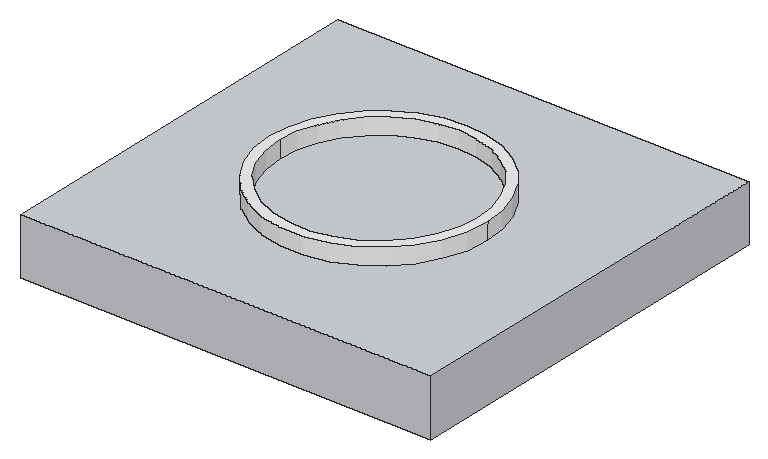
Revit family "M_Enrijecedor circular de ciclo fechado", category Enrijecedores estruturais, Revit 2019
Family settings
  Hospedeiro = Face
  Número OmniClass = 23.25.30.11.27
  Título OmniClass = Vibration and Earthquake Controls
  ID de item do Seek = Closed Loop Stiffener-Circular-0000-CAN-ENU
  Corte com vazios quando carregada = Não
  Compartilhado = Não
Parameters (values of type "Diâmetro interno 1'")
  r [instance] = 150 mm
  d [instance] = 25 mm
  b [instance] = 15 mm
  Material de enrijecedor [instance] = Metal - Aço 345 MPa
  Elevação-padrão = 1200 mm
  w [instance] = r * 2  # 300 mm
Types (3, lengths in mm): name | r | w
  (no name) | 150 | 300
  Diâmetro interno 1' | 150 | 300
  Diâmetro interno 2' | 300 | 600
Reference planes
  plane 1 "Centro (Frente/Trás)": y = 0.001
  plane 2: z = 0
  plane 3 "Centro (Esquerda/Direita)": x = 0
  plane 4: y = -149.999
  plane 5: y = 0.001
  plane 6: y = -149.999
  plane 7: y = -299.999
  plane 8: y = -299.999
Forms (mm)
  Extrusion 1, solid
    sketch origin (0, 0, 0) x (1, 0, 0) y (0, 1, 0)
      loop
        line (-304.8, 152.401) -> (-304.8, -446.58) -> (316.243, -446.58) -> (316.243, 152.401) -> (-304.8, 152.401)
    from 0 to -86.412
  Sweep 2, solid, material "Metal - Aço 345 MPa" <- "Material de enrijecedor", detail levels medium+fine
    path origin (0, 61.752, 0) x (1, 0, 0) y (0, 1, 0)
      loop
        circle (0, -211.752) r 150
    profile origin (0, 0.001, 0) x (0, -1, 0) y (0, 0, 1)
      loop
        line (0, 0) -> (0, 25) -> (-15, 25) -> (-15, 0) -> (0, 0)
Dimensions and locks
  "b": Sweep 2 sketch curve to Sweep 2 sketch curve
  "d": Sweep 2 sketch curve to Sweep 2 sketch curve
  "r": plane 5 to plane 6
  "w": plane 7 to plane 5
  "r": radius of Sweep 2 sketch curve
  aligned and locked: plane 2 to Extrusion 1
  aligned and locked: level to Extrusion 1
  aligned and locked: profile plane to Sweep 2 sketch curve  (x2)
  aligned and locked: plane 5 to plane 1 "Centro (Frente/Trás)"
  aligned and locked: plane 3 "Centro (Esquerda/Direita)" to Sweep 2 sketch curve
  aligned and locked: plane 4 to Sweep 2 sketch curve
  aligned and locked: plane 4 to plane 6
  aligned and locked: plane 8 to plane 7
Automatic sketch dimensions
  Extrusion 1 sketch curve to Extrusion 1 sketch curve = 621.043 mm
  Extrusion 1 sketch curve to Extrusion 1 sketch curve = 598.981 mm
